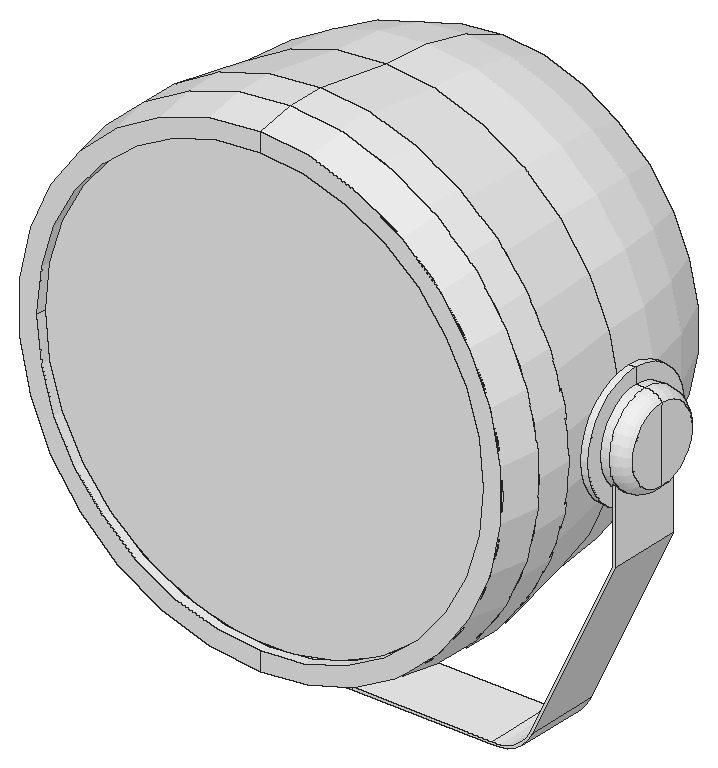
Revit family "Lighting-Accent-Acclaim-Dyna Drum HO SCS", category Lighting Fixtures, host Face, Revit 2015
Parameters (values of type "Dyna Drum HO SCS")
  Width = 8.22"
  Length = 15.46875"
  Wattage = 9.2903 W
  built-in parameter 1150110 = 1 (stored number, unit not read)
  Voltage = 0 V
  URL = "http://www.acclaimlighting.com/"
  built-in parameter 1114217 = 1 (stored number, unit not read)
  Tilt Angle = -90.00°
  built-in parameter 1150109 = 1 (stored number, unit not read)
  built-in parameter 1150134 = 3
  built-in parameter 1150113 = 1 (stored number, unit not read)
  Power Factor = 1
  Photometric Web File = "generic"
  Number of Poles = 1
  built-in parameter 1150142 = (empty or 0)
  Model = "Dyna Drum HO SCS"
  Manufacturer = "Acclaim Lighting"
  built-in parameter 1150105 = 109.82 (stored number, unit not read)
  Lumens = 1380 lm
  built-in parameter 1150115 = 1 (stored number, unit not read)
  built-in parameter 1150137 = (empty or 0)
  built-in parameter 1150139 = (empty or 0)
  built-in parameter 1150112 = 1 (stored number, unit not read)
  built-in parameter 1150114 = 1 (stored number, unit not read)
  Lamp = "LED"
  built-in parameter 1150132 = (empty or 0)
  built-in parameter 1150102 = (empty or 0)
  built-in parameter 1150107 = 3200 (stored number, unit not read)
  built-in parameter 1150138 = (empty or 0)
  built-in parameter 1150106 = 1.0982 (stored number, unit not read)
  Housing Finish = Aluminum
  Height = 14.88"
  built-in parameter 1150129 = 12.00"
  Emit Shape Visible in Rendering = no
  built-in parameter 1150104 = 13.8 (stored number, unit not read)
  Dimming Lamp Color Temperature Shift = <None>
  Description = "Accent Fixture"
  Default Elevation = 48.00"
  Color Filter = 16777215
  Emit from Circle Diameter = 12.00"
  built-in parameter 1150133 = 10 (stored number, unit not read)
  Apparent Load = 0 VA
Reference planes (in)
  plane 1 "Center (Front/Back)": y = 0
  plane 2: z = 0
  plane 3 "Center (Left/Right)": x = 0
  plane 4: x = 0
  plane 5: z = 9.2
  plane 6: x = -7.73437
  plane 7: x = 7.73438
  plane 8: y = 4.11
  plane 9: y = -4.11
  plane 10: z = 14.88
Forms (in)
  Revolve 1, solid, material "Aluminum" <- "Housing Finish"
    sketch origin (0, 0, -1) x (0, 1, 0) y (0, 0, 1)
      loop
        line (-4.01961, 15.7) -> (-4.01961, 9.2) -> (4.11, 9.2) -> (4.11, 14.4651)
        arc (4.11, 14.4651) -> (2.22274, 15.22118) -> (0.20654, 15.48258) r 8.08534
        line (0.20654, 15.48258) -> (-1.99241, 15.8653) -> (-2.99241, 15.8653) -> (-4.01961, 15.7)
      axis (-4.01961, 9.2) -> (4.11, 9.2)
    angle from 0 to 360
  Revolve 2, solid, material "Aluminum" <- "Housing Finish"
    sketch origin (0, 0, -1) x (-1, 0, 0) y (0, 0, 1)
      loop
        line (7.56973, 9.06446) -> (7.56973, 10.06446)
        arc (7.56973, 10.06446) -> (7.36985, 10.22736) -> (7.11657, 10.27577) r 0.52626
        line (7.11657, 10.27577) -> (6.86657, 10.27577) -> (6.86657, 10.67747) -> (6.6838, 10.67747) -> (6.6838, 9.06446) -> (7.56973, 9.06446)
      axis (6.6838, 9.06446) -> (7.56973, 9.06446)
    angle from 0 to 360
  Extrusion 3, solid, material "Aluminum" <- "Housing Finish"
    sketch origin (0.09498, 0, -0.0625) x (1, 0, 0) y (0, 0, 1)
      loop
        line (-7.17907, 8.4048) -> (-7.17907, 5.4048) -> (-4.96033, 0.64668)
        arc (-4.96033, 0.64668) -> (-4.50223, 0.14676) -> (-3.84024, 0) r 1.12746
        line (-3.84024, 0) -> (-0.14021, 0) -> (3.65028, 0)
        arc (3.65028, 0) -> (4.31227, 0.14676) -> (4.77037, 0.64668) r 1.12746
        line (4.77037, 0.64668) -> (6.98911, 5.4048) -> (6.98911, 8.4048) -> (6.92661, 8.3423) -> (6.92661, 5.41865) -> (4.71372, 0.6731)
        arc (4.71372, 0.6731) -> (4.27986, 0.20022) -> (3.65305, 0.0625) r 1.06496
        line (3.65305, 0.0625) -> (-0.0798, 0.0625) -> (-3.84301, 0.0625)
        arc (-3.84301, 0.0625) -> (-4.46982, 0.20022) -> (-4.90368, 0.6731) r 1.06496
        line (-4.90368, 0.6731) -> (-7.11657, 5.41865) -> (-7.11657, 8.3423) -> (-7.17907, 8.4048)
    from -0.97615 to 0.95624
  Extrusion 4, void
    sketch origin (0, -0.76961, -1) x (1, 0, 0) y (0, 0, 1)
      loop
        circle (0, 9.2) r 6
    from 2.98826 to 3.25
  Revolve 5, solid, material "Aluminum" <- "Housing Finish"
    sketch origin (0, 0, -1) x (1, 0, 0) y (0, 0, 1)
      loop
        line (7.56973, 9.06446) -> (7.56973, 10.06446)
        arc (7.56973, 10.06446) -> (7.36985, 10.22736) -> (7.11657, 10.27577) r 0.52626
        line (7.11657, 10.27577) -> (6.86657, 10.27577) -> (6.86657, 10.67747) -> (6.6838, 10.67747) -> (6.6838, 9.06446) -> (7.56973, 9.06446)
      axis (6.6838, 9.06446) -> (7.56973, 9.06446)
    angle from 0 to 360
Cuts and joins
  Extrusion 4 cuts Revolve 1
Dimensions and locks (in)
  equal spacing: plane 7, plane 3 "Center (Left/Right)", plane 6
  "Length": plane 7 to plane 6
  equal spacing: plane 8, plane 1 "Center (Front/Back)", plane 9
  "Width": plane 8 to plane 9
  "Height": plane 10 to host face
  aligned and locked: plane 2 to host face
  aligned and locked: level to host face
Automatic sketch dimensions
  host sketch curve to host sketch curve = 96.00"  (x2)
  plane 5 to Revolve 2 sketch curve = 1.13554"  (x2)
  Revolve 2 sketch curve to plane 6 = 1.05057"
  Revolve 2 sketch curve to Revolve 2 sketch curve = 0.18277"
  Revolve 2 sketch curve to Revolve 2 sketch curve = 0.25"
  Revolve 2 sketch curve to Revolve 2 sketch curve = 0.03087"
  Revolve 2 sketch curve to plane 6 = 0.16465"
  plane 5 to Revolve 2 sketch curve = 0.44959"
  Revolve 2 sketch curve to Revolve 2 sketch curve = 0.31405"
  Revolve 2 sketch curve to Revolve 2 sketch curve = 0.40171"
  Revolve 2 sketch curve to Revolve 2 sketch curve = 0.00"
  plane 6 to Revolve 2 sketch curve = 0.79782"
  Extrusion 3 sketch curve to Extrusion 3 sketch curve = 0.00"  (x4)
  Extrusion 3 sketch curve to level = 0.00"
  plane 6 to Extrusion 3 sketch curve = 0.65028"
  Extrusion 3 sketch curve to Extrusion 3 sketch curve = 0.0625"  (x4)
  level to Extrusion 3 sketch curve = 0.58418"  (x2)
  plane 6 to Extrusion 3 sketch curve = 2.86903"
  level to Extrusion 3 sketch curve = 0.6106"  (x2)
  Extrusion 3 sketch curve to Extrusion 3 sketch curve = 0.05664"
  Extrusion 3 sketch curve to Extrusion 3 sketch curve = 0.96518"  (x2)
  Extrusion 3 sketch curve to Extrusion 3 sketch curve = 0.0955"  (x2)
  Extrusion 3 sketch curve to level = 0.0625"
  Extrusion 3 sketch curve to plane 3 "Center (Left/Right)" = 0.04523"
  plane 3 "Center (Left/Right)" to Extrusion 3 sketch curve = 0.01518"
  Extrusion 3 sketch curve to Extrusion 3 sketch curve = 3.73009"
  Extrusion 3 sketch curve to Extrusion 3 sketch curve = 0.00277"
  Extrusion 3 sketch curve to plane 7 = 0.71278"
  Extrusion 3 sketch curve to Extrusion 3 sketch curve = 0.01386"  (x2)
  Extrusion 3 sketch curve to plane 5 = 0.9202"  (x2)
  Extrusion 4 sketch curve to plane 3 "Center (Left/Right)" = 0.00"
  Extrusion 4 sketch curve to plane 5 = 1.00"
  Revolve 5 sketch curve to plane 5 = 1.13554"  (x2)
  Revolve 5 sketch curve to plane 7 = 1.05057"
  Revolve 5 sketch curve to Revolve 5 sketch curve = 0.18277"
  Revolve 5 sketch curve to Revolve 5 sketch curve = 0.25"
  Revolve 5 sketch curve to Revolve 5 sketch curve = 0.03087"
  Revolve 5 sketch curve to plane 7 = 0.16465"
  Revolve 5 sketch curve to plane 5 = 0.44959"
  Revolve 5 sketch curve to Revolve 5 sketch curve = 0.31405"
  Revolve 5 sketch curve to Revolve 5 sketch curve = 0.40171"
  Revolve 5 sketch curve to Revolve 5 sketch curve = 0.00"
  plane 7 to Revolve 5 sketch curve = 0.79782"
  Extrusion 3 sketch curve to Extrusion 3 sketch curve = 2.9375"  (x2)
  Revolve 1 sketch curve to plane 8 = 0.00"
  Revolve 1 sketch curve to plane 1 "Center (Front/Back)" = 0.20654"
  Revolve 1 sketch curve to plane 1 "Center (Front/Back)" = 0.18336"
  Revolve 1 sketch curve to plane 10 = 0.0147"
  Revolve 1 sketch curve to plane 9 = 1.11759"
  Revolve 1 sketch curve to plane 9 = 0.09039"
  Revolve 1 sketch curve to plane 10 = 0.18"
  Revolve 1 sketch curve to plane 10 = 0.39742"
  Revolve 1 sketch curve to Revolve 1 sketch curve = 1.01748"
  Revolve 1 sketch curve to plane 5 = 1.00"  (x2)
  Revolve 1 sketch curve to Revolve 1 sketch curve = 1.00"
  Revolve 1 sketch curve to Revolve 1 sketch curve = 0.76961"
  Revolve 1 sketch curve to plane 8 = 4.39"
  radius of Extrusion 4 sketch curve = 6.00"
Connectors (in)
  electrical at (0, 4.11, 8.2), driven by "Number of Poles", driven by "Voltage", driven by "Apparent Load", driven by "Power Factor"
    settings: on cut or joined group of Revolve 1, Extrusion 4, index 1, voltage 0 V, apparent load 0 VA, apparent load phase1 0 VA, apparent load phase2 0 VA, apparent load phase3 0 VA, power factor 1, load classification "Other", number of poles 1, system type 31, power factor state 1, is connector primary yes, connector utility yes, sub classification motor no, connector description ""
